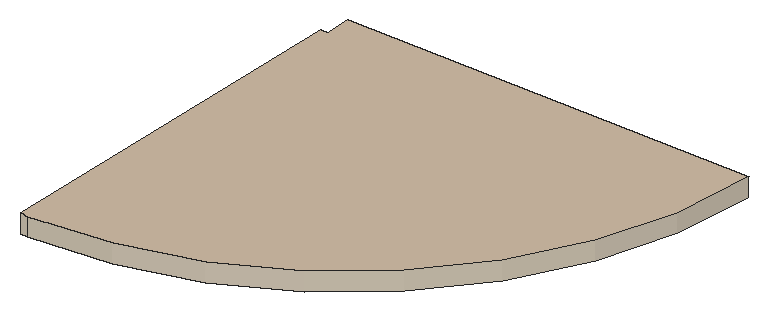
Revit family "M_Sistema de mobiliário-superfície de trabalho-quadrante", category Sistema de mobiliário, Revit 2019
Family settings
  Cota do conector redondo = Utilizar diâmetro
  Tipo de parte = Normal
  Número OmniClass = 23.40.70.14.64.21
  Título OmniClass = Systems Furniture
  Com base no plano de trabalho = Não
  Sempre na vertical = Sim
  Corte com vazios quando carregada = Não
  Compartilhado = Não
  Ponto de cálculo do ambiente = Não
Parameters (values of type "1280 x 600mm")
  Material da superfície de trabalho [instance] = Laminado plástico – Carvalho branco
  Comentários de tipos = "Superfície de trabalho em quadrante de 1280 x 600 mm"
  Espessura = 30 mm
  Largura = (Linear * 2) + 80 mm  # 1280 mm
  Model = ""
  Manufacturer = ""
  Altura = 750 mm
  Material da aresta [instance] = Laminado plástico – Bege – Claro – Suave
  Description = ""
  Linear = 600 mm
Types (2, lengths in mm): name | Comentários de tipos | Largura | Linear
  1280 x 600mm | "Superfície de trabalho em quadrante de 1280 x 600 mm" | 1280 | 600
  1580 x 750mm | "Superfície de trabalho em quadrante de 1580 x 750 mm" | 1580 | 750
Reference planes
  plane 1 "Centro F/T": y = 0
  plane 2: z = 0
  plane 3 "Centro E/D": x = 0
  plane 4 "Parte frontal": y = -600
  plane 5 "Direita": x = 652.5
  plane 6 "Superior": z = 750
  plane 7 "Inferior": z = 720
  plane 8: y = 80
  plane 9: x = 12.5
  plane 10: x = 52.5
  plane 11 "Parte posterior": y = 40
Forms (mm)
  Extrusion 1, solid, material "Laminado plástico – Carvalho branco" <- "Material da superfície de trabalho"
    sketch origin (38.1, 704.85, 0) x (1, 0, 0) y (0, 1, 0)
      loop
        line (-38.1, -704.85) -> (-38.1, -1304.85) -> (-25.6, -1304.85)
        arc (-25.6, -1304.85) -> (426.948, -1117.398) -> (614.4, -664.85) r 640
        line (614.4, -664.85) -> (-25.6, -664.85) -> (-25.6, -704.85) -> (-38.1, -704.85)
    from 720 to 750
Lines and regions (mm)
  Masking region 1
    outline origin (-278.027, 310.483, 0) x (1, 0, 0) y (0, 1, 0)
      loop
        arc (290.527, -910.483) -> (743.075, -723.031) -> (930.527, -270.483) r 640
        line (930.527, -270.483) -> (290.527, -270.483) -> (290.527, -310.483) -> (278.027, -310.483) -> (278.027, -910.483) -> (290.527, -910.483)
Dimensions and locks
  "Linear": plane 4 "Parte frontal" to plane 1 "Centro F/T"
  "Espessura": plane 6 "Superior" to plane 7 "Inferior"
  locked: plane 3 "Centro E/D" to plane 9 at 12.5
  "Linear": plane 10 to plane 5 "Direita"
  equal spacing: plane 8, plane 11 "Parte posterior", plane 1 "Centro F/T"
  "Altura": plane 6 "Superior" to plane 2
  locked: plane 8 to plane 1 "Centro F/T" at 80
  locked: plane 9 to plane 10 at 40
  aligned and locked: level to plane 2
  aligned and locked: plane 6 "Superior" to Extrusion 1
  aligned and locked: plane 7 "Inferior" to Extrusion 1
  aligned and locked: Extrusion 1 sketch curve to plane 3 "Centro E/D"
  aligned and locked: Extrusion 1 sketch curve to plane 9
  aligned and locked: plane 1 "Centro F/T" to Extrusion 1 sketch curve
  aligned and locked: Extrusion 1 sketch curve to plane 4 "Parte frontal"
  aligned and locked: plane 9 to Extrusion 1 sketch curve
  aligned and locked: plane 3 "Centro E/D" to Masking region 1 sketch curve
  aligned and locked: plane 9 to Masking region 1 sketch curve  (x2)
  aligned and locked: Masking region 1 sketch curve to plane 1 "Centro F/T"
  aligned and locked: plane 4 "Parte frontal" to Masking region 1 sketch curve
  aligned and locked: Masking region 1 sketch curve to plane 11 "Parte posterior"
  aligned and locked: plane 5 "Direita" to Masking region 1 sketch curve
  aligned and locked: plane 11 "Parte posterior" to Extrusion 1 sketch curve
